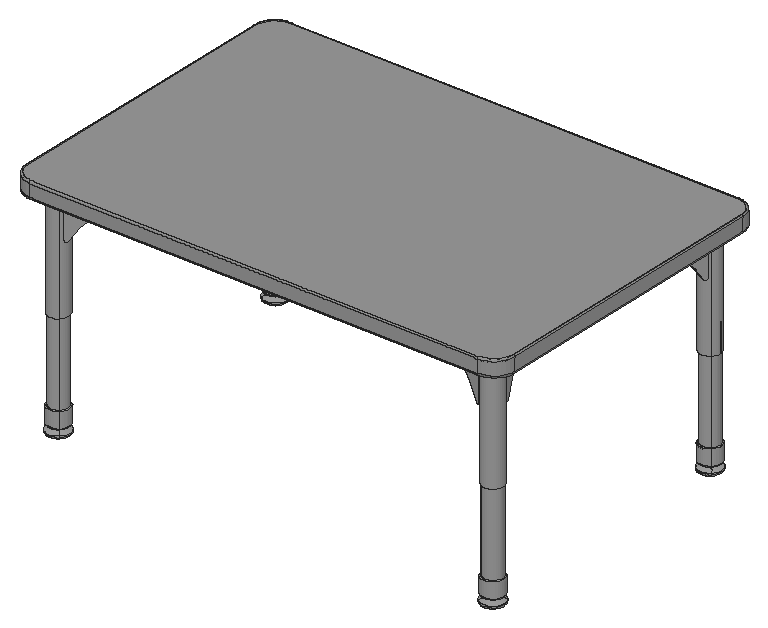
Revit family "Hierarchy Activity 36x24 Rectangle Table - Youth Height", category Furniture, Revit 2018
Family settings
  Work Plane-Based = No
  Always vertical = Yes
  Cut with Voids When Loaded = No
  Shared = No
  Room Calculation Point = No
Parameters
  Table Height = 1' - 4"
  Surface = Hierarchy Activity 36x24 Rectangle Table Youth Surface
  Leg Finish = Hierarchy Leg Platinum
  Edgeband = Hierarchy Activity 36x24 Rectangle Table Youth Edgeband
  Caster/Glide = Hierarchy Youth Leg - Glide : Hierarchy Youth Leg - Glide
Reference planes (in)
  plane 1 "Center (Front/Back)": y = 0
  plane 2: z = 0
  plane 3 "Center (Left/Right)": x = 0
  plane 4: z = 16
Dimensions and locks (in)
  "Table Height": plane 4 to level
  aligned and locked: plane 2 to level
  aligned and locked: nested 1 to plane 4
Nested families (in)
  nested 1: "Activity 36x24 Tabletop" at (0, 0, -7.925), type "Activity 36x24 Tabletop"
  nested 2: "Hierarchy Youth Leg - Glide" at (-16, 10, 0) x (0.7071, 0.7071, 0) z (0, 0, 1), Leg Height <- "Table Height", type <- "Caster/Glide", Leg Finish <- "Leg Finish", type "Hierarchy Youth Leg - Glide"
    with Leg Height 1' - 4", Leg Finish Hierarchy Leg Platinum
  nested 3: "Hierarchy Youth Leg - Glide" at (16, 10, 0) x (-0.7071, 0.7071, 0) z (0, 0, 1), Leg Height <- "Table Height", Leg Finish <- "Leg Finish", type "Hierarchy Youth Leg - Glide"
    with Leg Height 1' - 4", Leg Finish Hierarchy Leg Platinum
  nested 4: "Hierarchy Youth Leg - Glide" at (-16, -10, 0) x (0.7071, -0.7071, 0) z (0, 0, 1), Leg Height <- "Table Height", type <- "Caster/Glide", Leg Finish <- "Leg Finish", type "Hierarchy Youth Leg - Glide"
    with Leg Height 1' - 4", Leg Finish Hierarchy Leg Platinum
  nested 5: "Hierarchy Youth Leg - Glide" at (16, -10, 0) x (-0.7071, -0.7071, 0) z (0, 0, 1), Leg Height <- "Table Height", Leg Finish <- "Leg Finish", type "Hierarchy Youth Leg - Glide"
    with Leg Height 1' - 4", Leg Finish Hierarchy Leg Platinum
Definition of nested family "Activity 36x24 Tabletop"
  Parameters (values of type "Activity 36x24 Tabletop")
    Surface = none
    Edgeband = none
  Reference planes (in)
    plane 1 "Center (Front/Back)": y = 0
    plane 2: z = 0
    plane 3 "Center (Left/Right)": x = 0
  Forms (in)
    Extrusion 1, solid, material <- "Surface"
      sketch origin (0, 0, 0) x (1, 0, 0) y (0, 1, 0)
        loop
          line (16.5, 11.88189) -> (-16.5, 11.88189)
          arc (-16.5, 11.88189) -> (-17.47714, 11.47714) -> (-17.88189, 10.5) r 1.38189
          line (-17.88189, 10.5) -> (-17.88189, -10.5)
          arc (-17.88189, -10.5) -> (-17.47714, -11.47714) -> (-16.5, -11.88189) r 1.38189
          line (-16.5, -11.88189) -> (16.5, -11.88189)
          arc (16.5, -11.88189) -> (17.47714, -11.47714) -> (17.88189, -10.5) r 1.38189
          line (17.88189, -10.5) -> (17.88189, 10.5)
          arc (17.88189, 10.5) -> (17.47714, 11.47714) -> (16.5, 11.88189) r 1.38189
      from 23.925 to 25.125
    Sweep 2, solid, material <- "Edgeband"
      path origin (0, 0, 0) x (1, 0, 0) y (0, 1, 0)
        loop
          line (16.5, 11.88189) -> (-16.5, 11.88189)
          arc (-16.5, 11.88189) -> (-17.47714, 11.47714) -> (-17.88189, 10.5) r 1.38189
          line (-17.88189, 10.5) -> (-17.88189, -10.5)
          arc (-17.88189, -10.5) -> (-17.47714, -11.47714) -> (-16.5, -11.88189) r 1.38189
          line (-16.5, -11.88189) -> (16.5, -11.88189)
          arc (16.5, -11.88189) -> (17.47714, -11.47714) -> (17.88189, -10.5) r 1.38189
          line (17.88189, -10.5) -> (17.88189, 10.5)
          arc (17.88189, 10.5) -> (17.47714, 11.47714) -> (16.5, 11.88189) r 1.38189
      profile origin (0, 11.88189, 0) x (0, -1, 0) y (0, 0, 1)
        loop
          arc (0, 25.125) -> (-0.08352, 25.09041) -> (-0.11811, 25.00689) r 0.11811
          line (-0.11811, 25.00689) -> (-0.11811, 24.04311)
          arc (-0.11811, 24.04311) -> (-0.08352, 23.95959) -> (0, 23.925) r 0.11811
          line (0, 23.925) -> (0, 25.125)
  Dimensions and locks (in)
    aligned and locked: plane 2 to level
Definition of nested family "Hierarchy Youth Leg - Glide"
  Parameters (values of type "Hierarchy Youth Leg - Glide")
    Leg Finish [instance] = none
    Leg Height [instance] = 1' - 4.80117"
  Reference planes (in)
    plane 1 "Center (Front/Back)": y = 0
    plane 2: z = 0
    plane 3 "Center (Left/Right)": x = 0
  Forms (in)
    Extrusion 1, solid
      sketch origin (-0.01562, 0, 0) x (1, 0, 0) y (0, 1, 0)
        loop
          circle (0.01563, 0) r 0.67016
      from 0.67618 to 10.55018
    Revolve 2, solid
      sketch origin (0, 0, 0) x (1, 0, 0) y (0, 0, 1)
        loop
          line (-0.73189, 1.80118) -> (-0.79439, 1.73867) -> (-0.79439, 0.61381) -> (-0.73176, 0.55118) -> (-0.125, 0.55118) -> (-0.125, 0.42618) -> (-0.84656, 0.16241) -> (-0.84656, 0.08994) -> (-0.81359, 0) -> (0, 0) -> (0, 1.80118) -> (-0.73189, 1.80118)
        axis (0, 1.80118) -> (0, 0)
      angle from 0 to 360
  Dimensions and locks (in)
    "Leg Height": nested 1 to level  (x2)
    aligned and locked: plane 2 to level
  Automatic sketch dimensions
    plane 1 "Center (Front/Back)" to Extrusion 1 sketch curve = 0' - 0"
    Extrusion 1 sketch curve to plane 3 "Center (Left/Right)" = 0' - 0"
    Revolve 2 sketch curve to level = 0' - 0"
    Revolve 2 sketch curve to plane 3 "Center (Left/Right)" = 0' - 0"  (x2)
    Revolve 2 sketch curve to plane 3 "Center (Left/Right)" = 0' - 0 1/8"
    Revolve 2 sketch curve to Revolve 2 sketch curve = 0' - 0.60676"
    Revolve 2 sketch curve to Revolve 2 sketch curve = 0' - 0.73189"
    Revolve 2 sketch curve to Revolve 2 sketch curve = 0' - 0.06263"  (x2)
    Revolve 2 sketch curve to Revolve 2 sketch curve = 0' - 0.08183"
    Revolve 2 sketch curve to Revolve 2 sketch curve = 0' - 0.03297"
    level to Revolve 2 sketch curve = 0' - 0.08994"
    Revolve 2 sketch curve to Revolve 2 sketch curve = 0' - 0.07247"
    level to Revolve 2 sketch curve = 0' - 0.42618"
    Revolve 2 sketch curve to Revolve 2 sketch curve = 0' - 0 1/8"
    Revolve 2 sketch curve to Revolve 2 sketch curve = 0' - 1.12486"
    Revolve 2 sketch curve to Revolve 2 sketch curve = 0' - 0 1/16"
    Revolve 2 sketch curve to level = 2' - 0"
    Revolve 2 sketch curve to Revolve 2 sketch curve = 8' - 4.91764"
    radius of Extrusion 1 sketch curve = 0' - 0.67016"
  Nested families (in)
    nested 1: "Hierarchy Youth Upper Leg 2023" at (0, 0, 0), Leg Finish <- "Leg Finish", type "Hierarchy Youth Upper Leg 2023"
      with Leg Finish none
  Definition of nested family "Hierarchy Youth Upper Leg 2023"
    Parameters (values of type "Hierarchy Youth Upper Leg 2023")
      Leg Finish [instance] = none
    Reference planes (in)
      plane 1 "Center (Front/Back)": y = 0
      plane 2: z = 0
      plane 3 "Center (Left/Right)": x = 0
    Forms (in)
      Extrusion 1, solid, material <- "Leg Finish"
        sketch origin (0, 0, -11.001) x (1, 0, 0) y (0, 1, 0)
          loop
            circle (0, 0) r 0.75
        from 19.67618 to 27.67618
      Extrusion 2, solid, material <- "Leg Finish"
        sketch origin (0, 0, -11.001) x (1, 0, 0) y (0, 1, 0)
          loop
            line (-1.70174, 0.19183) -> (-2.88626, -2.26116)
            arc (-2.88626, -2.26116) -> (-2.83993, -3.09822) -> (-2.1063, -3.50394) r 0.86614
            line (-2.1063, -3.50394) -> (2.1063, -3.50394)
            arc (2.1063, -3.50394) -> (2.83993, -3.09822) -> (2.88626, -2.26116) r 0.86614
            line (2.88626, -2.26116) -> (1.70174, 0.19183)
            arc (1.70174, 0.19183) -> (0, 1.25984) -> (-1.70174, 0.19183) r 1.88976
        from 27.67618 to 27.80217
      Extrusion 3, solid, material <- "Leg Finish"
        sketch origin (-1.48519, 8.66524, -11.001) x (-0.434844, 0.900506, 0) y (0, 0, 1)
          loop
            line (-9.01425, 27.67618) -> (-11.80952, 27.67618)
            arc (-11.80952, 27.67618) -> (-11.92325, 27.58993) -> (-11.87088, 27.45715) r 0.11811
            arc (-11.87088, 27.45715) -> (-10.39364, 26.29679) -> (-9.23328, 24.81955) r 7.87402
            arc (-9.23328, 24.81955) -> (-9.1005, 24.76717) -> (-9.01425, 24.88091) r 0.11811
            line (-9.01425, 24.88091) -> (-9.01425, 27.67618)
        from -1.94075 to -1.81476
      Extrusion 4, solid, material <- "Leg Finish"
        sketch origin (1.48519, 8.66524, -11.001) x (0.434844, 0.900506, 0) y (0, 0, -1)
          loop
            line (-9.01425, -27.67618) -> (-9.01425, -24.88091)
            arc (-9.01425, -24.88091) -> (-9.1005, -24.76717) -> (-9.23328, -24.81955) r 0.11811
            arc (-9.23328, -24.81955) -> (-10.39364, -26.29679) -> (-11.87088, -27.45715) r 7.87402
            arc (-11.87088, -27.45715) -> (-11.92325, -27.58993) -> (-11.80952, -27.67618) r 0.11811
            line (-11.80952, -27.67618) -> (-9.01425, -27.67618)
        from -1.94075 to -1.81476
    Dimensions and locks (in)
      aligned and locked: plane 2 to level
